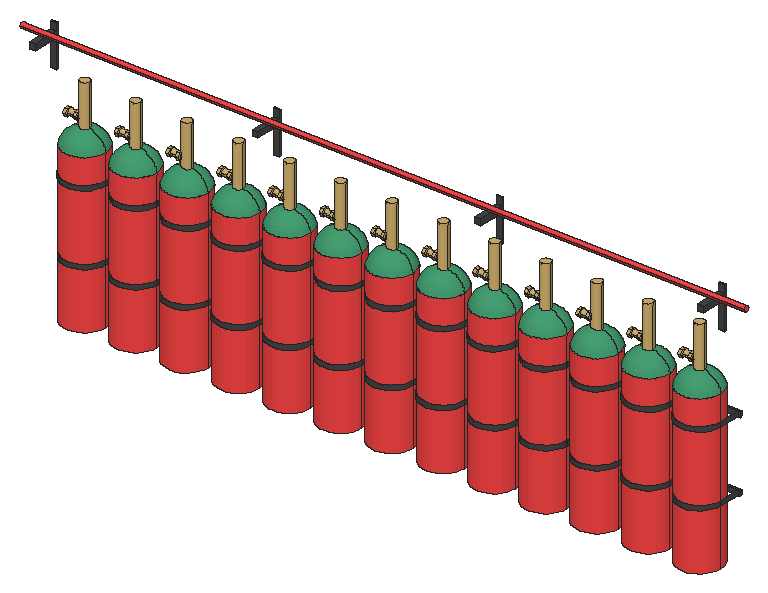
Revit family "Batería de cilindros 120l en simple fila IG 55", category Equipos especializados, Revit 2017
Family settings
  Anfitrión = Suelo
  Cota de conector redondo = Radio de uso
  Tipo de pieza = Normal
  Número OmniClass = 23.65.20.14.24
  Título OmniClass = Other Gas Storage Vessels
  Siempre vertical = Sí
  Corte con vacíos al cargar = No
  Compartido = Sí
  Punto de cálculo de habitación = No
Parameters (values of type "Batería 13 cilindros IG 55 - 120 l")
  URL = "http://aguilera.es/?productos=bateria-de-cilindros-de-120l-en-simple-fila-ig-55"
  Símbolo texto = yes
  Símbolo = yes
  Radio colector [instance] = 20 mm
  R = Diámetro / 2  # 180 mm
  Número soportes = 4
  Número de cilindros = 13
  Modelo = "AEX/SBIN13120S"
  Lt = 6147 mm
  Lcc = Lt / (Número soportes - 0.75)  # 1891.385 mm
  Lc = 340 mm
  Ht = Hc + 40 mm  # 2010 mm
  Hd = 1770 mm  # constant formula
  H2 = 1100 mm  # constant formula
  H1 = 500 mm  # constant formula
  Fabricante = "Aguilera Extinción"  # constant formula
  Diámetro colector [instance] = Radio colector * 2  # 40 mm
  Description = "Batería de cilindros de alta presión de 120 l cargados con IG-55 al máximo de su capacidad, fabricados en acero aleado tratado térmicamente sin soldadura según instruccion MIE AP7 de aparatos a presión y Directiva Europea 84/525/CEE.\r\nLas baterías estan compuestas por cilindros esclavos y un cilindro piloto, excepto en el caso de los sistemas con válvulas direccionales en los que todos los cilindros serán esclavos y van equipados con un botellín piloto de nitrógeno aparte. "  # constant formula
  Diámetro = 360 mm  # constant formula
  Hc = 1970 mm  # constant formula
  D2 = 435 mm  # constant formula
  Cilindro = Cilindro autonomo IG 55 : Cilindro autónomo IG 55 - 120 l
Types (13, lengths in mm): name | Número soportes | Número de cilindros | Modelo | Lt | Lcc
  (no name) | 4 | 13 | "AEX/SBIN13120S" | 6147 | 1891.385
  Batería 3 cilindros IG 55 - 120 l | 2 | 3 | "AEX/SBIN3120S" | 1720 | 1376
  Batería 4 cilindros IG 55 - 120 l | 2 | 4 | "AEX/SBIN4120S" | 2155 | 1724
  Batería 5 cilindros IG 55 - 120 l | 2 | 5 | "AEX/SBIN5120S" | 2590 | 2072
  Batería 6 cilindros IG 55 - 120 l | 2 | 6 | "AEX/SBIN6120S" | 3025 | 2420
  Batería 7 cilindros IG 55 - 120 l | 3 | 7 | "AEX/SBIN7120S" | 3460 | 1537.778
  Batería 8 cilindros IG 55 - 120 l | 3 | 8 | "AEX/SBIN8120S" | 3956 | 1758.222
  Batería 9 cilindros IG 55 - 120 l | 3 | 9 | "AEX/SBIN9120S" | 4391 | 1951.556
  Batería 10 cilindros IG 55 - 120 l | 3 | 10 | "AEX/SBIN10120S" | 4826 | 2144.889
  Batería 11 cilindros IG 55 - 120 l | 4 | 11 | "AEX/SBIN11120S" | 5277 | 1623.692
  Batería 12 cilindros IG 55 - 120 l | 4 | 12 | "AEX/SBIN12120S" | 5712 | 1757.538
  Batería 13 cilindros IG 55 - 120 l | 4 | 13 | "AEX/SBIN13120S" | 6147 | 1891.385
  Batería 2 cilindros IG 55 - 120 l | 2 | 2 | "AEX/SBIN2120S" | 1285 | 1028
Reference planes
  plane 1 "Centro (Frontal/Posterior)": y = 0
  plane 2: z = 0
  plane 3 "Centro (Izquierda/Derecha)": x = 0
  plane 4: z = 500
  plane 5: z = 1100
  plane 6: z = 1565
  plane 7: z = 1703.58
  plane 8: z = 1770
  plane 9: z = 1970
  plane 10: x = -154
  plane 11: z = 2010
  plane 12: x = -600
  plane 13: x = 5547
  plane 14: y = 153.5
  plane 15: x = -440
  plane 16: y = 40.5
  plane 17: z = 1990
Forms (mm)
  Extrusion 1, solid, material "Acero rojo"
    sketch origin (0, 0, 0) x (0, 1, 0) y (0, 0, 1)
      loop
        circle (40.5, 1990) r 20
    from -600 to 5547
Dimensions and locks
  "H1": plane 4 to plane 2
  "H2": plane 5 to plane 2
  "Hd": plane 8 to plane 2
  "Hc": plane 9 to plane 2
  locked: plane 10 to plane 3 "Centro (Izquierda/Derecha)" at 154
  locked: plane 8 to plane 7 at 66.42
  locked: plane 8 to plane 6 at 205
  "Lt": plane 13 to plane 12
  "Ht": plane 11 to plane 2
  locked: plane 3 "Centro (Izquierda/Derecha)" to plane 12 at 600
  locked: plane 11 to plane 17 at 20
  "Ht": Extrusion 1 sketch curve to plane 2
  equal spacing: group 1, group 2, group 5, group 6, group 7, group 8, group 9, group 10, group 11, group 12, group 13, group 14, group 15  (x3)
  locked: plane 11 to nested 2 at 90
  equal spacing: group 3, group 4, group 16, group 17  (x3)
  "Lcc": nested 4 to plane 15
  "D2": nested 1 to nested 3
  "Radio colector": radius of Extrusion 1 sketch curve
  aligned and locked: level to plane 2
  aligned and locked: Extrusion 1 to plane 12
  aligned and locked: plane 13 to Extrusion 1
Automatic sketch dimensions
  Extrusion 1 sketch curve to plane 16 = 0 mm
Nested families
  nested 1: "Cilindro autonomo IG 55" at (0, -46.5, 0), type <- "Cilindro", type "Cilindro autónomo IG 55 - 120 l"
  nested 2: "Soporte" at (-60, 153.5, -40), type "Soporte"
    with Ht 2010 mm
  nested 3: "Cilindro autonomo IG 55" at (435, -46.5, 0), type <- "Cilindro", type "Cilindro autónomo IG 55 - 120 l"
  nested 4: "Soporte" at (1831.385, 153.5, -40), type "Soporte"
    with Ht 2010 mm
  nested 5: "S_Cilindros_Aguilera Extinción" at (0, 40.5, 0), visible <- "Símbolo", type "S_Cilindros_Aguilera Extinción", detail levels coarse
  nested 6: "Cilindro autonomo IG 55" at (870, -46.5, 0), type <- "Cilindro", type "Cilindro autónomo IG 55 - 120 l"
  nested 7: "Cilindro autonomo IG 55" at (1305, -46.5, 0), type <- "Cilindro", type "Cilindro autónomo IG 55 - 120 l"
  nested 8: "Cilindro autonomo IG 55" at (1740, -46.5, 0), type <- "Cilindro", type "Cilindro autónomo IG 55 - 120 l"
  nested 9: "Cilindro autonomo IG 55" at (2175, -46.5, 0), type <- "Cilindro", type "Cilindro autónomo IG 55 - 120 l"
  nested 10: "Cilindro autonomo IG 55" at (2610, -46.5, 0), type <- "Cilindro", type "Cilindro autónomo IG 55 - 120 l"
  nested 11: "Cilindro autonomo IG 55" at (3045, -46.5, 0), type <- "Cilindro", type "Cilindro autónomo IG 55 - 120 l"
  nested 12: "Cilindro autonomo IG 55" at (3480, -46.5, 0), type <- "Cilindro", type "Cilindro autónomo IG 55 - 120 l"
  nested 13: "Cilindro autonomo IG 55" at (3915, -46.5, 0), type <- "Cilindro", type "Cilindro autónomo IG 55 - 120 l"
  nested 14: "Cilindro autonomo IG 55" at (4350, -46.5, 0), type <- "Cilindro", type "Cilindro autónomo IG 55 - 120 l"
  nested 15: "Cilindro autonomo IG 55" at (4785, -46.5, 0), type <- "Cilindro", type "Cilindro autónomo IG 55 - 120 l"
  nested 16: "Cilindro autonomo IG 55" at (5220, -46.5, 0), type <- "Cilindro", type "Cilindro autónomo IG 55 - 120 l"
  nested 17: "Soporte" at (3722.769, 153.5, -40), type "Soporte"
    with Ht 2010 mm
  nested 18: "Soporte" at (5614.154, 153.5, -40), type "Soporte"
    with Ht 2010 mm
Connectors
  piping at (-600, 40.5, 1990), diameter 40, driven by "Radio colector"
    settings: on Extrusion 1, index 1, connector inside diameter 609.6 mm, connector length 0 mm, flow factor 0, pipe flow 0.0 L/s, pressure drop 0.0 Pa, fitting loss kfactor 0, connector angle 0.00°, fixture units 0, engagement length 0 mm, angle of deflection 0.00°, flow configuration 0, flow direction 0, fitting loss method 0, system type 28, joint type 0, gender type 0, connector reference index -1, connector utility 0, adjustable connector no, is connector primary yes, connector description ""
  piping at (5547, 40.5, 1990), diameter 40, driven by "Radio colector"
    settings: on Extrusion 1, index 2, connector inside diameter 609.6 mm, connector length 0 mm, flow factor 0, pipe flow 0.0 L/s, pressure drop 0.0 Pa, fitting loss kfactor 0, connector angle 0.00°, fixture units 0, engagement length 0 mm, angle of deflection 0.00°, flow configuration 0, flow direction 0, fitting loss method 0, system type 28, joint type 0, gender type 0, connector reference index -1, connector utility 0, adjustable connector no, is connector primary no, connector description ""
Definition of nested family "Cilindro autonomo IG 55"
  Parameters (values of type "Cilindro autónomo IG 55 - 80 l")
    URL = "http://aguilera.es/?productos=cilindros-autonomos-ig-55"
    Símbolo texto = yes
    Símbolo = yes
    R = Diámetro / 2  # 133.5 mm
    Model = "AEX/IN80A"
    Hd = 1770 mm
    H2 = 1200 mm
    H1 = 600 mm
    Manufacturer = "Aguilera Extinción"  # constant formula
    Description = "Cilindro autónomo de alta presión cargado con IG-55 al máximo de su capacidad, fabricado en acero aleado tratado térmicamente sin soldadura según instruccion MIE AP7 de aparatos a presión y Directiva Europea 84/525/CEE."  # constant formula
    Diámetro = 267 mm
    H = 2052 mm
  Types (4, lengths in mm): name | R | Model | Hd | H2 | H1 | Diámetro | H
    (no name) | 133.5 | "AEX/IN80A" | 1770 | 1200 | 600 | 267 | 2052
    Cilindro autónomo IG 55 - 80 l | 133.5 | "AEX/IN80A" | 1770 | 1200 | 600 | 267 | 2052
    Cilindro autónomo IG 55 - 120 l | 180 | "AEX/IN120A" | 1535 | 1100 | 500 | 360 | 1817
    Cilindro autónomo IG 55 - 140 l | 180 | "AEX/IN140A" | 1770 | 1200 | 600 | 360 | 2052
  Reference planes
    plane 1 "Centro (Frontal/Posterior)": y = 0
    plane 2: z = 0
    plane 3 "Centro (Izquierda/Derecha)": x = 0
    plane 4: y = 133.5
    plane 5: z = 600
    plane 6: z = 1200
    plane 7: z = 1565
    plane 8: z = 1703.58
    plane 9: z = 1770
    plane 10: z = 2052
    plane 11: x = -154
    plane 12: x = -133.5
    plane 13: x = 133.5
    plane 14: x = -133.5
    plane 15: x = 133.5
    plane 16: x = -133.5
    plane 17: x = 133.5
  Forms (mm)
    Extrusion 1, solid
      sketch origin (0, 0, 0) x (1, 0, 0) y (0, 1, 0)
        loop
          circle (0, 0) r 133.5
      from 0 to 1565
    Extrusion 2, solid
      sketch origin (-745.59, -6000, 1703.58) x (-1, 0, 0) y (0, -1, 0)
        loop
          circle (-745.59, -6000) r 40
      from 0 to 348.42
    Extrusion 3, solid, detail levels fine
      sketch origin (-40, 0, 0) x (0, 1, 0) y (0, 0, 1)
        loop
          line (17.321, 1800) -> (-17.321, 1800) -> (-34.641, 1770) -> (-17.321, 1740) -> (17.321, 1740) -> (34.641, 1770) -> (17.321, 1800)
      from -5 to -30
    Extrusion 4, solid, detail levels fine
      sketch origin (-70, 0, 0) x (0, -1, 0) y (0, 0, 1)
        loop
          circle (0, 1770) r 25
      from -70 to 59
    Revolve 5, solid
      sketch origin (0, 0, 0) x (1, 0, 0) y (0, 0, 1)
        loop
          line (0, 1703.58) -> (-40, 1703.58)
          arc (-40, 1703.58) -> (-111.581, 1651.043) -> (-133.5, 1565) r 131.6
          line (-133.5, 1565) -> (0, 1565) -> (0, 1703.58)
        axis (0, 1703.58) -> (0, 1565)
      angle from 0 to 360
    Extrusion 6, solid, detail levels fine
      sketch origin (-745.59, -6000, 1200) x (-1, 0, 0) y (0, -1, 0)
        loop
          line (-544.59, -6153.5) -> (-544.59, -6133.5) -> (-610.09, -6133.5) -> (-610.09, -6000)
          arc (-610.09, -6000) -> (-745.59, -5864.5) -> (-881.09, -6000) r 135.5
          line (-881.09, -6000) -> (-881.09, -6133.5) -> (-946.59, -6133.5) -> (-946.59, -6153.5) -> (-544.59, -6153.5)
        loop
          arc (-612.09, -6000) -> (-745.59, -5866.5) -> (-879.09, -6000) r 133.5
          line (-879.09, -6000) -> (-879.09, -6133.5) -> (-612.09, -6133.5) -> (-612.09, -6000)
      from 20 to -20
    Extrusion 7, solid, detail levels fine
      sketch origin (-124, 0, 0) x (0, 1, 0) y (0, 0, 1)
        loop
          line (17.321, 1800) -> (-17.321, 1800) -> (-34.641, 1770) -> (-17.321, 1740) -> (17.321, 1740) -> (34.641, 1770) -> (17.321, 1800)
      from -5 to -30
    Extrusion 8, solid, detail levels fine
      sketch origin (-745.59, -6000, 600) x (-1, 0, 0) y (0, -1, 0)
        loop
          line (-544.59, -6153.5) -> (-544.59, -6133.5) -> (-610.09, -6133.5) -> (-610.09, -6000)
          arc (-610.09, -6000) -> (-745.59, -5864.5) -> (-881.09, -6000) r 135.5
          line (-881.09, -6000) -> (-881.09, -6133.5) -> (-946.59, -6133.5) -> (-946.59, -6153.5) -> (-544.59, -6153.5)
        loop
          arc (-612.09, -6000) -> (-745.59, -5866.5) -> (-879.09, -6000) r 133.5
          line (-879.09, -6000) -> (-879.09, -6133.5) -> (-612.09, -6133.5) -> (-612.09, -6000)
      from 20 to -20
  Lines and regions (mm)
    symbolic lines
      curve 1: line (0, 173.5, 0) -> (0, 133.5, 0)
      curve 2: line (-25, 153.5, 0) -> (25, 153.5, 0)
      curve 3: circle (0, 153.5, 0) r 15 normal (0, 0, 1)
  Dimensions and locks
    "H1": plane 5 to plane 2
    "H2": plane 6 to plane 2
    "Hd": plane 9 to plane 2
    "H": plane 10 to plane 2
    locked: plane 11 to plane 3 "Centro (Izquierda/Derecha)" at 154
    equal spacing: plane 12, plane 3 "Centro (Izquierda/Derecha)", plane 13
    "Diámetro": plane 12 to plane 13
    locked: plane 9 to plane 8 at 66.42
    locked: plane 9 to plane 7 at 205
    "R": plane 1 "Centro (Frontal/Posterior)" to plane 4
    equal spacing: plane 14, plane 3 "Centro (Izquierda/Derecha)", plane 15
    "Diámetro": plane 14 to plane 15
    equal spacing: Extrusion 6 sketch curve, plane 3 "Centro (Izquierda/Derecha)", Extrusion 6 sketch curve
    locked: Extrusion 6 sketch curve to Extrusion 6 sketch curve at 402
    plane 16 to plane 17 = 267 mm
    "Diámetro": plane 16 to plane 17
    Extrusion 8 sketch curve to Extrusion 8 sketch curve = 402 mm
    locked: Extrusion 8 sketch curve to Extrusion 8 sketch curve at 402
    "Diámetro": diameter of Extrusion 1 sketch curve
    aligned and locked: level to plane 2
    aligned and locked: plane 7 to Extrusion 1
    aligned and locked: plane 10 to Extrusion 2
    aligned and locked: Extrusion 2 to plane 8
    aligned and locked: plane 3 "Centro (Izquierda/Derecha)" to Extrusion 4
    aligned and locked: Revolve 5 sketch curve to plane 3 "Centro (Izquierda/Derecha)"  (x2)
    aligned and locked: Revolve 5 sketch curve to plane 7
    aligned and locked: plane 8 to Revolve 5 sketch curve
    aligned and locked: Extrusion 6 sketch curve to Extrusion 6 sketch curve  (x2)
    aligned and locked: Extrusion 6 sketch curve to plane 4
    aligned and locked: Extrusion 6 sketch curve to plane 15
    aligned and locked: Extrusion 6 sketch curve to plane 14
    aligned and locked: Extrusion 8 sketch curve to Extrusion 8 sketch curve  (x2)
    aligned and locked: Extrusion 8 sketch curve to Extrusion 6  (x3)
    aligned and locked: Extrusion 8 to Extrusion 6  (x2)
  Automatic sketch dimensions
    curve 1 to plane 3 "Centro (Izquierda/Derecha)" = 0 mm
    curve 3 to plane 3 "Centro (Izquierda/Derecha)" = 0 mm
    curve 1 to plane 4 = 0 mm
    curve 1 to curve 3 = 20 mm
    curve 2 to plane 3 "Centro (Izquierda/Derecha)" = 25 mm
    plane 3 "Centro (Izquierda/Derecha)" to curve 2 = 25 mm
    plane 4 to curve 2 = 20 mm
    curve 3 to curve 1 = 20 mm
    plane 1 "Centro (Frontal/Posterior)" to Extrusion 2 sketch curve = 0 mm
    Extrusion 2 sketch curve to plane 3 "Centro (Izquierda/Derecha)" = 0 mm
    Extrusion 3 sketch curve to plane 9 = 0 mm  (x2)
    plane 1 "Centro (Frontal/Posterior)" to Extrusion 3 sketch curve = 34.641 mm
    plane 1 "Centro (Frontal/Posterior)" to Extrusion 3 sketch curve = 17.321 mm  (x2)
    Extrusion 3 sketch curve to plane 1 "Centro (Frontal/Posterior)" = 17.321 mm  (x2)
    Extrusion 3 sketch curve to Extrusion 3 sketch curve = 17.321 mm
    Extrusion 3 sketch curve to plane 9 = 30 mm
    plane 9 to Extrusion 3 sketch curve = 30 mm
    Extrusion 4 sketch curve to Extrusion 3 = 30 mm  (x2)
    Extrusion 7 sketch curve to plane 9 = 0 mm  (x2)
    plane 1 "Centro (Frontal/Posterior)" to Extrusion 7 sketch curve = 34.641 mm
    plane 1 "Centro (Frontal/Posterior)" to Extrusion 7 sketch curve = 17.321 mm  (x2)
    Extrusion 7 sketch curve to plane 1 "Centro (Frontal/Posterior)" = 17.321 mm  (x2)
    Extrusion 7 sketch curve to Extrusion 7 sketch curve = 17.321 mm
    Extrusion 7 sketch curve to plane 9 = 30 mm
    plane 9 to Extrusion 7 sketch curve = 30 mm
    plane 1 "Centro (Frontal/Posterior)" to Extrusion 1 sketch curve = 0 mm
    Extrusion 1 sketch curve to plane 3 "Centro (Izquierda/Derecha)" = 0 mm
    plane 12 to Revolve 5 sketch curve = 0 mm
    Revolve 5 sketch curve to plane 3 "Centro (Izquierda/Derecha)" = 40 mm
    Revolve 5 sketch curve to plane 3 "Centro (Izquierda/Derecha)" = 2.489 mm
    Revolve 5 sketch curve to Revolve 5 sketch curve = 1.762 mm
    plane 9 to Revolve 5 sketch curve = 57 mm
    Extrusion 6 sketch curve to Extrusion 6 sketch curve = 0 mm  (x2)
    plane 1 "Centro (Frontal/Posterior)" to Extrusion 6 sketch curve = 0 mm
    Extrusion 6 sketch curve to plane 15 = 2 mm
    Extrusion 6 sketch curve to Extrusion 6 sketch curve = 20 mm
    Extrusion 8 sketch curve to Extrusion 8 sketch curve = 0 mm  (x2)
    Extrusion 8 sketch curve to plane 4 = 0 mm
    plane 1 "Centro (Frontal/Posterior)" to Extrusion 8 sketch curve = 0 mm
    Extrusion 8 sketch curve to Extrusion 8 sketch curve = 2 mm
    plane 4 to Extrusion 8 sketch curve = 20 mm
    radius of curve 3 = 15 mm
    radius of Extrusion 2 sketch curve = 40 mm
    radius of Extrusion 4 sketch curve = 25 mm
  Nested families
    nested 1: "S_Cilindro_Aguilera Extinción" at (0, 0, 0), visible <- "Símbolo", type "S_Cilindro_Aguilera Extinción", detail levels coarse
  Definition of nested family "S_Cilindro_Aguilera Extinción"
    Parameters (values of type "S_Cilindro_Aguilera Extinción")
      Texto símbolo = "Cilindros"
      Texto modelo = yes
      Modelo = "Cilindros"
    Reference planes
      plane 1: y = 0
      plane 2: x = 0
    Lines and regions (mm)
      detail lines
        curve 1: line (-1.703, -1.659, 0) -> (1.659, -1.659, 0)
        curve 2: line (-1.703, 1.659, 0) -> (-1.703, -1.659, 0)
        curve 3: line (1.659, 1.659, 0) -> (-1.703, 1.659, 0)
        curve 4: line (1.659, -1.659, 0) -> (1.659, 1.659, 0)
        curve 5: circle (0, 0, 0) r 1.659 normal (0, 0, 1)
    Text (mm)
      label "Texto símbolo" at (-0.164, 3.111, 0), shows "Texto símbolo"
      label "Modelo" at (-0.164, -2.652, 0), shows "Modelo", visible <- "Texto modelo"
Definition of nested family "Soporte"
  Parameters (values of type "Soporte")
    Ht = 1266.694 mm
  Reference planes
    plane 1 "Centro (Frontal/Posterior)": y = 0
    plane 2: z = 0
    plane 3 "Centro (Izquierda/Derecha)": x = 0
    plane 4: z = 1266.694
  Forms (mm)
    Extrusion 1, solid
      sketch origin (-380, -6153.5, 976.911) x (0, 0, 1) y (0, -1, 0)
        loop
          line (354.783, -6153.5) -> (354.783, -6143.5) -> (289.783, -6143.5) -> (289.783, -5918.5) -> (239.783, -5918.5) -> (239.783, -6143.5) -> (-0.217, -6143.5) -> (-0.217, -6153.5) -> (354.783, -6153.5)
      from 0 to 50
  Lines and regions (mm)
    symbolic lines
      curve 1: line (-355, 20, 0) -> (-355, -20, 0)
      curve 2: line (-380, 0, 0) -> (-330, 0, 0)
      curve 3: circle (-355, 0, 0) r 15 normal (0, 0, 1)
  Dimensions and locks
    "Ht": plane 4 to plane 2
    aligned and locked: level to plane 2
    aligned and locked: Extrusion 1 sketch curve to plane 4
    aligned and locked: plane 1 "Centro (Frontal/Posterior)" to Extrusion 1 sketch curve
  Automatic sketch dimensions
    plane 1 "Centro (Frontal/Posterior)" to curve 2 = 0 mm
    plane 1 "Centro (Frontal/Posterior)" to curve 3 = 0 mm
    curve 3 to plane 3 "Centro (Izquierda/Derecha)" = 355 mm
    curve 1 to curve 3 = 0 mm
    curve 2 to curve 3 = 25 mm
    curve 3 to curve 2 = 25 mm
    plane 1 "Centro (Frontal/Posterior)" to curve 1 = 20 mm
    curve 1 to plane 1 "Centro (Frontal/Posterior)" = 20 mm
    plane 1 "Centro (Frontal/Posterior)" to Extrusion 1 sketch curve = 10 mm
    Extrusion 1 sketch curve to plane 4 = 50 mm
    Extrusion 1 sketch curve to Extrusion 1 sketch curve = 240 mm
    plane 4 to Extrusion 1 sketch curve = 65 mm
    Extrusion 1 sketch curve to Extrusion 1 sketch curve = 10 mm
    Extrusion 1 sketch curve to Extrusion 1 sketch curve = 225 mm
    radius of curve 3 = 15 mm
Definition of nested family "S_Cilindros_Aguilera Extinción"
  Parameters (values of type "S_Cilindros_Aguilera Extinción")
    Texto símbolo = "Cilindros"
    Texto modelo = yes
    Modelo = "Cilindros"
  Reference planes
    plane 1: y = 0
    plane 2: x = 0
  Lines and regions (mm)
    detail lines
      curve 1: line (-6.666, -1.659, 0) -> (6.654, -1.659, 0)
      curve 2: line (-6.666, 1.659, 0) -> (-6.666, -1.659, 0)
      curve 3: line (6.654, 1.659, 0) -> (-6.666, 1.659, 0)
      curve 4: line (6.654, -1.659, 0) -> (6.654, 1.659, 0)
      curve 5: circle (-4.976, 0, 0) r 1.659 normal (0, 0, 1)
      curve 6: circle (-1.659, 0, 0) r 1.659 normal (0, 0, 1)
      curve 7: circle (1.659, 0, 0) r 1.659 normal (0, 0, 1)
      curve 8: circle (4.976, 0, 0) r 1.659 normal (0, 0, 1)
  Text (mm)
    label "Texto símbolo" at (-0.164, 3.111, 0), shows "Texto símbolo"
    label "Modelo" at (-0.164, -2.652, 0), shows "Modelo", visible <- "Texto modelo"
